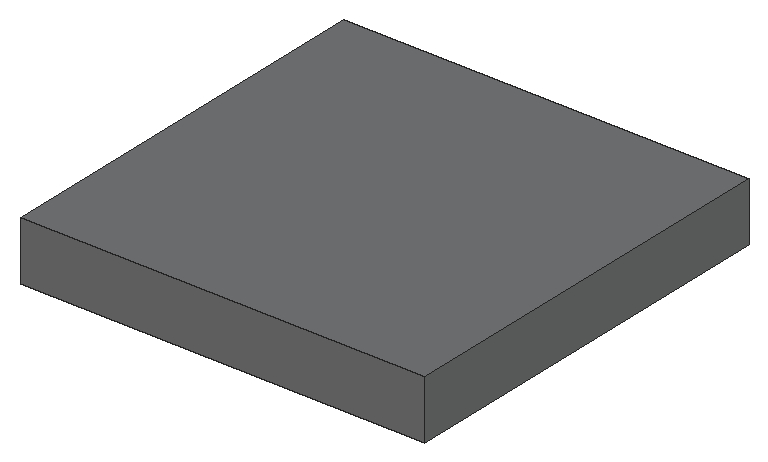
Revit family "Gira_028603", category Electrical Fixtures, host Face, Revit 2017
Family settings
  Host = Face
  Maintain Annotation Orientation = No
  Round Connector Dimension = Use Diameter
  Part Type = Normal
  Cut with Voids When Loaded = No
  Shared = No
  Room Calculation Point = No
Parameters (values of type "Rocker sym.bell System 55 p.white")
  With exchangeable lens/symbol = "No"
  URL = "http://katalog.gira.de/en/datenblatt.html?artikelnr=028603"
  Suitable for touch sensor connector for bus system = "No"
  Scannable symbol / barrier free = "No"
  Name = "Rocker sym.bell System 55 p.white"
  Monitoring window/light outlet = "No"
  Model = "Single rocker"
  Manufacturer URL = "https://www.gira.de/"
  Manufacturer = "Gira"
  Keynote = ""
  HeinzeBIM = "https://bimportal.heinze.de/bim/rocker-sym-bell-system-55-p-white/43f027328b8e54efe20aefb2e5ae2e52c4ea6d65"
  HAN = "028603"
  GTIN = "4010337286035"
  Description = "Rock.sym.bell Sys55 PW,Rocker with symbol,Bell,pure white glossy,"
  Default Elevation = 1219.2 mm
  Data sheet (1) = "https://katalog.gira.de/en/download.html?artikelnr=028603"
  Category = "Control element/cover plate for domestic switching devices"
  BIM (1) = "https://media.stage.bim.site/public/gira/36a6b08/Sys55_Abdeckung_Schalten und Tasten.rfa?public/gira/36a6b08/Sys55_Abdeckung_Schalten und Tasten.rfa"
  Available = "No"
  Anthrazit [instance] = Anthrazit
Reference planes
  plane 1 "Center (Front/Back)": y = 0
  plane 2: z = 0
  plane 3 "Center (Left/Right)": x = 0
Forms (mm)
  Extrusion 1, solid, material "Anthrazit" <- "Anthrazit", detail levels fine
    sketch origin (0, 0, 0) x (1, 0, 0) y (0, 1, 0)
      loop
        line (-27.5, 27.5) -> (-27.5, -27.5) -> (27.5, -27.5) -> (27.5, 27.5) -> (-27.5, 27.5)
    from 0 to 8
  Extrusion 2, void
    sketch origin (0, 0, 0) x (1, 0, 0) y (0, 1, 0)
      loop
        line (26, 26) -> (-26, 26) -> (-26, -26) -> (26, -26) -> (26, 26)
    from 0 to 6
  Extrusion 3, solid, material "Anthrazit" <- "Anthrazit", detail levels medium
    sketch origin (0, 0, 0) x (1, 0, 0) y (0, 1, 0)
      loop
        line (-27.5, 27.5) -> (-27.5, -27.5) -> (27.5, -27.5) -> (27.5, 27.5) -> (-27.5, 27.5)
    from 0 to 8
  Extrusion 4, solid, material "Anthrazit" <- "Anthrazit", detail levels medium
    sketch origin (0, 0, 0) x (1, 0, 0) y (0, 1, 0)
      loop
        line (11, -17.5) -> (11, 17.5) -> (-11, 17.5) -> (-11, -17.5) -> (11, -17.5)
    from -6 to 6
  Extrusion 5, solid, material "Anthrazit" <- "Anthrazit", detail levels fine
    sketch origin (0, 0, 0) x (1, 0, 0) y (0, 1, 0)
      loop
        line (11, 17.5) -> (-11, 17.5) -> (-11, 16.5) -> (11, 16.5) -> (11, 17.5)
      loop
        line (-11, -16.5) -> (-11, -17.5) -> (11, -17.5) -> (11, -16.5) -> (-11, -16.5)
    from -4 to 6
  Extrusion 6, solid, material "Anthrazit" <- "Anthrazit", detail levels fine
    sketch origin (0, 0, 0) x (1, 0, 0) y (0, 1, 0)
      loop
        arc (5, 9.347) -> (0, 10.6) -> (-5, 9.347) r 10.6
        line (-5, 9.347) -> (-5, -9.347)
        arc (-5, -9.347) -> (0, -10.6) -> (5, -9.347) r 10.6
        line (5, -9.347) -> (5, 9.347)
    from -6 to 6
  Extrusion 7, solid, material "Anthrazit" <- "Anthrazit", detail levels coarse
    sketch origin (0, 0, 0) x (1, 0, 0) y (0, 1, 0)
      loop
        line (-27.5, 27.5) -> (-27.5, -27.5) -> (27.5, -27.5) -> (27.5, 27.5) -> (-27.5, 27.5)
    from -6 to 8
Cuts and joins
  Extrusion 2 cuts Extrusion 1
Dimensions and locks
  aligned and locked: plane 2 to host face
  aligned and locked: level to host face
